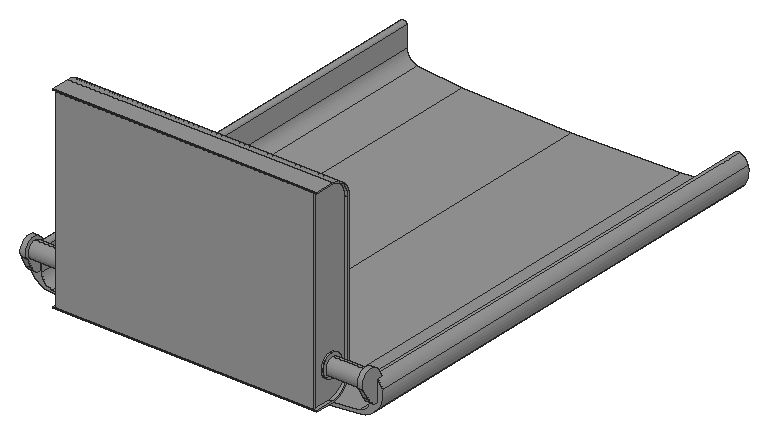
Revit family "3200 Bjørk Baby changing station", category Furniture Systems, host Wall, Revit 2018
Family settings
  Host = Wall
  Round Connector Dimension = Use Diameter
  Part Type = Normal
  Always vertical = Yes
  Cut with Voids When Loaded = No
  Shared = No
  Room Calculation Point = No
Parameters (values of type "OSLO")
  URL = "http://www.dandryer.dk/da-dk/produkter/produktserie-%E2%80%93-bjork/3200-bjork-puslebord--hvid"
  UP = not(Down)  # no
  Type Image = <None>
  Surface = WHITE
  Model = "Björk-3200"
  Manufacturer = "Dan Dryer"
  Down = yes
  Description = "Baby changing table"
  Cost = 0
Types (6, lengths in mm): name | URL | Model | Description
  BIRK | "http://www.dandryer.dk/da-dk/produkter/produktserie-%E2%80%93-bjork/3000-bjork-haandtoerrer--hvid" | "Björk-3000" | "Touch-free hand dryer"
  GEO WHITE | "http://www.dandryer.dk/da-dk/produkter/produktserie-%E2%80%93-bjork/3000-bjork-haandtoerrer--hvid" | "Björk-3000" | "Touch-free hand dryer"
  GRIGIO LONDRA | "http://www.dandryer.dk/da-dk/produkter/produktserie-%E2%80%93-bjork/3000-bjork-haandtoerrer--hvid" | "Björk-3000" | "Touch-free hand dryer"
  NEGRO INGO | "http://www.dandryer.dk/da-dk/produkter/produktserie-%E2%80%93-bjork/3000-bjork-haandtoerrer--hvid" | "Björk-3000" | "Touch-free hand dryer"
  OSLO | "http://www.dandryer.dk/da-dk/produkter/produktserie-%E2%80%93-bjork/3200-bjork-puslebord--hvid" | "Björk-3200" | "Baby changing table"
  BIANCO MALE | "http://www.dandryer.dk/da-dk/produkter/produktserie-%E2%80%93-bjork/3000-bjork-haandtoerrer--hvid" | "Björk-3000" | "Touch-free hand dryer"
Reference planes
  plane 1 "Wall": y = 0
  plane 2 "Center (Left/Right)": x = 125
  plane 3 "Back": y = 75
Forms (mm)
  Extrusion 1, solid, material "WHITE", not visible
    sketch origin (0, 0, 0) x (1, 0, 0) y (0, 1, 0)
      loop
        arc (42.212, 95.366) -> (42.426, 94.946) -> (42.5, 94.481) r 1.5
        line (42.5, 94.481) -> (42.5, 75.3) -> (43.7, 75.3) -> (43.7, 94.481)
        arc (43.7, 94.481) -> (43.567, 95.318) -> (43.181, 96.073) r 2.7
        arc (43.181, 96.073) -> (125, 257.1) -> (206.819, 96.073) r 101.3
        arc (206.819, 96.073) -> (206.433, 95.318) -> (206.3, 94.481) r 2.7
        line (206.3, 94.481) -> (206.3, 75.3) -> (207.5, 75.3) -> (207.5, 94.481)
        arc (207.5, 94.481) -> (207.574, 94.946) -> (207.788, 95.366) r 1.5
        arc (207.788, 95.366) -> (125, 258.3) -> (42.212, 95.366) r 102.5
    from 900 to 1230
  Extrusion 2, void, not visible
    sketch origin (207.5, 94.481, 0) x (0, 1, 0) y (0, 0, -1)
      loop
        line (-19.181, -1225) -> (-19.181, -1230) -> (6.154, -1230)
        arc (6.154, -1230) -> (3.068, -1228.36) -> (2.105, -1225) r 4.47
        line (2.105, -1225) -> (-19.181, -1225)
    from -10.952 to 170.161
  Extrusion 3, void, not visible
    sketch origin (207.5, 94.481, 2130) x (0, 1, 0) y (0, 0, -1)
      loop
        line (-19.181, 1225) -> (2.105, 1225)
        arc (2.105, 1225) -> (3.068, 1228.36) -> (6.154, 1230) r 4.47
        line (6.154, 1230) -> (-19.181, 1230) -> (-19.181, 1225)
    from -6 to 179.451
  Extrusion 4, solid, not visible
    sketch origin (207.5, 75.3, 907) x (0, 1, 0) y (-1, 0, 0)
      loop
        line (0, 163.8) -> (0, 1.2) -> (19.181, 1.2)
        arc (19.181, 1.2) -> (20.018, 1.067) -> (20.773, 0.681) r 2.7
        arc (20.773, 0.681) -> (181.8, 82.5) -> (20.773, 164.319) r 101.3
        arc (20.773, 164.319) -> (20.018, 163.933) -> (19.181, 163.8) r 2.7
        line (19.181, 163.8) -> (0, 163.8)
    from 0 to -2
  Extrusion 5, void, not visible
    sketch origin (206.3, 75.3, 0) x (-1, 0, 0) y (0, 0, 1)
      loop
        arc (83.312, 976) -> (81.303, 978.014) -> (79.288, 976) r 2.012
        line (79.288, 976) -> (79.285, 930)
        arc (79.285, 930) -> (81.297, 927.986) -> (83.312, 930) r 2.012
        line (83.312, 930) -> (83.312, 976)
    from 174.915 to 189.234
  Extrusion 6, solid, not visible
    sketch origin (206.3, 75.3, 0) x (1, 0, 0) y (0, 0, 1)
      loop
        line (-83.312, 975.984) -> (-83.312, 930)
        arc (-83.312, 930) -> (-81.291, 928.118) -> (-79.287, 930.016) r 2.015
        line (-79.287, 930.016) -> (-79.288, 976)
        arc (-79.288, 976) -> (-81.309, 977.882) -> (-83.312, 975.984) r 2.015
    from -182.98 to -174.915
  Extrusion 7, solid, not visible
    sketch origin (0, 0, 0) x (1, 0, 0) y (0, 1, 0)
      loop
        arc (42.212, 95.366) -> (42.426, 94.946) -> (42.5, 94.481) r 1.5
        line (42.5, 94.481) -> (42.5, 75.3) -> (43.7, 75.3) -> (43.7, 94.481)
        arc (43.7, 94.481) -> (43.567, 95.318) -> (43.181, 96.073) r 2.7
        arc (43.181, 96.073) -> (125, 257.1) -> (206.819, 96.073) r 101.3
        arc (206.819, 96.073) -> (206.433, 95.318) -> (206.3, 94.481) r 2.7
        line (206.3, 94.481) -> (206.3, 75.3) -> (207.5, 75.3) -> (207.5, 94.481)
        arc (207.5, 94.481) -> (207.574, 94.946) -> (207.788, 95.366) r 1.5
        arc (207.788, 95.366) -> (125, 258.3) -> (42.212, 95.366) r 102.5
    from 900 to 1230
Text (mm)
  text "Placement Side" at (-1848.837, 1116.779, 0), in view "Ref. Level"
  text "Placement side" at (0, 1409.804, 2854.306), in view "Left"
  text "Placement side" at (0, 499.811, 2980.732), in view "Right"
Dimensions and locks
  locked: plane 3 "Back" to host wall
  aligned and locked: plane 1 "Wall" to host wall
  aligned and locked: plane 3 "Back" to nested 1
  aligned and locked: host wall to nested 1
Nested families
  nested 1: "Master changing table" at (125, 75, 1100), type "Master changing table"
    with Table up no
Definition of nested family "Master changing table"
  Parameters (values of type "Master changing table")
    Table up = yes
    Table down = yes
    Surface = none
  Reference planes
    plane 1 "Center (Front/Back)": y = 0
    plane 2: z = 0
    plane 3 "Center (Left/Right)": x = 0
  Forms (mm)
    Extrusion 1, solid, material <- "Surface"
      sketch origin (205, 367.912, 256.022) x (0, 1, 0) y (0, 0, 1)
        loop
          line (-368.006, 0) -> (-368.006, -1.5) -> (-337.756, -1.5)
          arc (-337.756, -1.5) -> (-316.543, -10.287) -> (-307.756, -31.5) r 30
          line (-307.756, -31.5) -> (-307.756, -273.5)
          arc (-307.756, -273.5) -> (-316.543, -294.713) -> (-337.756, -303.5) r 30
          line (-337.756, -303.5) -> (-368.006, -303.5) -> (-368.006, -305) -> (-337.756, -305)
          arc (-337.756, -305) -> (-315.482, -295.774) -> (-306.256, -273.5) r 31.5
          line (-306.256, -273.5) -> (-306.256, -31.5)
          arc (-306.256, -31.5) -> (-315.482, -9.226) -> (-337.756, 0) r 31.5
          line (-337.756, 0) -> (-368.006, 0)
      from -410.457 to 0.457
    Extrusion 2, solid, material <- "Surface"
      sketch origin (-200, 30.056, 103.522) x (0, -1, 0) y (0, 0, 1)
        loop
          line (28.149, 150) -> (0.649, 150)
          arc (0.649, 150) -> (-20.564, 141.213) -> (-29.351, 120) r 30
          line (-29.351, 120) -> (-29.351, -120)
          arc (-29.351, -120) -> (-20.564, -141.213) -> (0.649, -150) r 30
          line (0.649, -150) -> (28.149, -150) -> (28.149, 150)
      from 0 to -1.5
    Extrusion 3, solid, material <- "Surface"
      sketch origin (200, 30.056, 103.522) x (0, -1, 0) y (0, 0, -1)
        loop
          line (28.149, -150) -> (28.149, 150) -> (0.649, 150)
          arc (0.649, 150) -> (-20.564, 141.213) -> (-29.351, 120) r 30
          line (-29.351, 120) -> (-29.351, -120)
          arc (-29.351, -120) -> (-20.564, -141.213) -> (0.649, -150) r 30
          line (0.649, -150) -> (28.149, -150)
      from 0 to -1.5
    Extrusion 4, solid, material <- "Surface", visible <- "Table down"
      sketch origin (0, 750.106, -53.254) x (-1, 0, 0) y (0, 0, 1)
        loop
          line (-255, 19.726) -> (-255, 51.373)
          arc (-255, 51.373) -> (-257.243, 55.544) -> (-261.96, 55.973) r 5
          arc (-261.96, 55.973) -> (-270.039, 50.067) -> (-274.685, 41.203) r 22.097
          arc (-274.685, 41.203) -> (-275.07, 26.076) -> (-268.731, 12.336) r 33.351
          arc (-268.731, 12.336) -> (-256.485, 1.616) -> (-241.13, -3.778) r 42.947
          arc (-241.13, -3.778) -> (-205.836, -8.031) -> (-170.362, -10.357) r 652.663
          arc (-170.362, -10.357) -> (-85.196, -12.728) -> (0, -13.33) r 4102.572
          arc (0, -13.33) -> (85.196, -12.728) -> (170.362, -10.357) r 4102.572
          arc (170.362, -10.357) -> (205.836, -8.031) -> (241.13, -3.778) r 652.663
          arc (241.13, -3.778) -> (256.485, 1.616) -> (268.731, 12.336) r 42.947
          arc (268.731, 12.336) -> (275.07, 26.076) -> (274.685, 41.203) r 33.351
          arc (274.685, 41.203) -> (270.039, 50.067) -> (261.96, 55.973) r 22.097
          arc (261.96, 55.973) -> (257.243, 55.544) -> (255, 51.373) r 5
          line (255, 51.373) -> (255, 19.726)
          arc (255, 19.726) -> (250.375, 7.3) -> (238.751, 0.923) r 19.004
          arc (238.751, 0.923) -> (204.558, -3.146) -> (170.196, -5.363) r 637.149
          arc (170.196, -5.363) -> (85.113, -7.758) -> (0, -8.582) r 4609.967
          arc (0, -8.582) -> (-85.113, -7.758) -> (-170.196, -5.363) r 4609.967
          arc (-170.196, -5.363) -> (-204.558, -3.146) -> (-238.751, 0.923) r 637.149
          arc (-238.751, 0.923) -> (-250.375, 7.3) -> (-255, 19.726) r 19.004
      from -709.566 to 0
    Extrusion 5, solid, material <- "Surface", visible <- "Table down"
      sketch origin (258, 29.906, 2.522) x (0, 0, 1) y (0, 1, 0)
        loop
          line (8.4, 14.549) -> (-2.6, 20.9)
          arc (-2.6, 20.9) -> (-4.503, 22.803) -> (-5.2, 25.403) r 5.2
          line (-5.2, 25.403) -> (-5.2, 41.674) -> (-6, 41.383) -> (-6, 177.6)
          arc (-6, 177.6) -> (-6.879, 179.721) -> (-9, 180.6) r 3
          line (-9, 180.6) -> (-33, 180.6)
          arc (-33, 180.6) -> (-35.121, 179.721) -> (-36, 177.6) r 3
          line (-36, 177.6) -> (-36, 30.464) -> (-36.8, 30.172) -> (-36.8, 16.166)
          arc (-36.8, 16.166) -> (-33.477, 3.766) -> (-24.4, -5.312) r 24.8
          line (-24.4, -5.312) -> (-8.4, -14.549)
          arc (-8.4, -14.549) -> (14.549, -8.4) -> (8.4, 14.549) r 16.8
      from -8 to 0
    Extrusion 6, solid, material <- "Surface", visible <- "Table down"
      sketch origin (-266, 29.906, 2.522) x (0, 0, 1) y (0, 1, 0)
        loop
          line (8.4, 14.549) -> (-2.6, 20.9)
          arc (-2.6, 20.9) -> (-4.503, 22.803) -> (-5.2, 25.403) r 5.2
          line (-5.2, 25.403) -> (-5.2, 41.674) -> (-6, 41.383) -> (-6, 177.6)
          arc (-6, 177.6) -> (-6.879, 179.721) -> (-9, 180.6) r 3
          line (-9, 180.6) -> (-33, 180.6)
          arc (-33, 180.6) -> (-35.121, 179.721) -> (-36, 177.6) r 3
          line (-36, 177.6) -> (-36, 30.464) -> (-36.8, 30.172) -> (-36.8, 16.166)
          arc (-36.8, 16.166) -> (-33.477, 3.766) -> (-24.4, -5.312) r 24.8
          line (-24.4, -5.312) -> (-8.4, -14.549)
          arc (-8.4, -14.549) -> (14.549, -8.4) -> (8.4, 14.549) r 16.8
      from -8 to 0
    Extrusion 7, solid, material <- "Surface"
      sketch origin (-258, 31.072, 1.856) x (0, 0, -1) y (0, 1, 0)
        loop
          circle (-0.065, 0.035) r 17.549
      from 53 to 462.5
    Extrusion 8, solid, material <- "Surface", visible <- "Table up"
      sketch origin (0, 85.702, 722.747) x (-1, 0, 0) y (0, -1, 0)
        loop
          line (-255, 19.726) -> (-255, 51.373)
          arc (-255, 51.373) -> (-257.243, 55.544) -> (-261.96, 55.973) r 5
          arc (-261.96, 55.973) -> (-270.039, 50.067) -> (-274.685, 41.203) r 22.097
          arc (-274.685, 41.203) -> (-275.07, 26.076) -> (-268.731, 12.336) r 33.351
          arc (-268.731, 12.336) -> (-256.485, 1.616) -> (-241.13, -3.778) r 42.947
          arc (-241.13, -3.778) -> (-205.836, -8.031) -> (-170.362, -10.357) r 652.663
          arc (-170.362, -10.357) -> (-85.196, -12.728) -> (0, -13.33) r 4102.572
          arc (0, -13.33) -> (85.196, -12.728) -> (170.362, -10.357) r 4102.572
          arc (170.362, -10.357) -> (205.836, -8.031) -> (241.13, -3.778) r 652.663
          arc (241.13, -3.778) -> (256.485, 1.616) -> (268.731, 12.336) r 42.947
          arc (268.731, 12.336) -> (275.07, 26.076) -> (274.685, 41.203) r 33.351
          arc (274.685, 41.203) -> (270.039, 50.067) -> (261.96, 55.973) r 22.097
          arc (261.96, 55.973) -> (257.243, 55.544) -> (255, 51.373) r 5
          line (255, 51.373) -> (255, 19.726)
          arc (255, 19.726) -> (250.375, 7.3) -> (238.751, 0.923) r 19.004
          arc (238.751, 0.923) -> (204.558, -3.146) -> (170.196, -5.363) r 637.149
          arc (170.196, -5.363) -> (85.113, -7.758) -> (0, -8.582) r 4609.967
          arc (0, -8.582) -> (-85.113, -7.758) -> (-170.196, -5.363) r 4609.967
          arc (-170.196, -5.363) -> (-204.558, -3.146) -> (-238.751, 0.923) r 637.149
          arc (-238.751, 0.923) -> (-250.375, 7.3) -> (-255, 19.726) r 19.004
      from -709.566 to 0
    Extrusion 9, solid, material <- "Surface", visible <- "Table up"
      sketch origin (258, 29.925, 2.547) x (0, -1, 0) y (0, 0, 1)
        loop
          line (8.4, 14.549) -> (-2.6, 20.9)
          arc (-2.6, 20.9) -> (-4.503, 22.803) -> (-5.2, 25.403) r 5.2
          line (-5.2, 25.403) -> (-5.2, 41.674) -> (-6, 41.383) -> (-6, 177.6)
          arc (-6, 177.6) -> (-6.879, 179.721) -> (-9, 180.6) r 3
          line (-9, 180.6) -> (-33, 180.6)
          arc (-33, 180.6) -> (-35.121, 179.721) -> (-36, 177.6) r 3
          line (-36, 177.6) -> (-36, 30.464) -> (-36.8, 30.172) -> (-36.8, 16.166)
          arc (-36.8, 16.166) -> (-33.477, 3.766) -> (-24.4, -5.312) r 24.8
          line (-24.4, -5.312) -> (-8.4, -14.549)
          arc (-8.4, -14.549) -> (14.549, -8.4) -> (8.4, 14.549) r 16.8
      from -8 to 0
    Extrusion 10, solid, material <- "Surface", visible <- "Table up"
      sketch origin (-266, 29.925, 2.547) x (0, -1, 0) y (0, 0, 1)
        loop
          line (8.4, 14.549) -> (-2.6, 20.9)
          arc (-2.6, 20.9) -> (-4.503, 22.803) -> (-5.2, 25.403) r 5.2
          line (-5.2, 25.403) -> (-5.2, 41.674) -> (-6, 41.383) -> (-6, 177.6)
          arc (-6, 177.6) -> (-6.879, 179.721) -> (-9, 180.6) r 3
          line (-9, 180.6) -> (-33, 180.6)
          arc (-33, 180.6) -> (-35.121, 179.721) -> (-36, 177.6) r 3
          line (-36, 177.6) -> (-36, 30.464) -> (-36.8, 30.172) -> (-36.8, 16.166)
          arc (-36.8, 16.166) -> (-33.477, 3.766) -> (-24.4, -5.312) r 24.8
          line (-24.4, -5.312) -> (-8.4, -14.549)
          arc (-8.4, -14.549) -> (14.549, -8.4) -> (8.4, 14.549) r 16.8
      from -8 to 0
    Extrusion 11, solid, material <- "Surface"
      sketch origin (-258, 30.572, 1.856) x (0, 0, -1) y (0, 1, 0)
        loop
          circle (-0.065, 0.035) r 13.035
      from 0 to 516
    Extrusion 12, solid, material <- "Surface"
      sketch origin (-258, 30.572, 1.856) x (0, 0, -1) y (0, 1, 0)
        loop
          circle (-0.065, 0.035) r 16.835
      from 54.88 to 461.953
    Extrusion 13, solid, material <- "Surface"
      sketch origin (-5125, -0.094, -947.478) x (-1, 0, 0) y (0, 0, 1)
        loop
          line (-5325, 1202) -> (-5325, 900) -> (-4925, 900) -> (-4925, 1202) -> (-5325, 1202)
      from 0 to 2
    Extrusion 14, solid, not visible
      sketch origin (-5000, 75, 0) x (-1, 0, 0) y (0, 0, 1)
        loop
          line (-5325, 1202) -> (-5325, 900) -> (-4925, 900) -> (-4925, 1202) -> (-5325, 1202)
      from 0 to 2
    Extrusion 15, solid, not visible
      sketch origin (330, 443.006, 1203.5) x (0, 1, 0) y (0, 0, 1)
        loop
          line (-368.006, 0) -> (-368.006, -1.5) -> (-337.756, -1.5)
          arc (-337.756, -1.5) -> (-316.543, -10.287) -> (-307.756, -31.5) r 30
          line (-307.756, -31.5) -> (-307.756, -273.5)
          arc (-307.756, -273.5) -> (-316.543, -294.713) -> (-337.756, -303.5) r 30
          line (-337.756, -303.5) -> (-368.006, -303.5) -> (-368.006, -305) -> (-337.756, -305)
          arc (-337.756, -305) -> (-315.482, -295.774) -> (-306.256, -273.5) r 31.5
          line (-306.256, -273.5) -> (-306.256, -31.5)
          arc (-306.256, -31.5) -> (-315.482, -9.226) -> (-337.756, 0) r 31.5
          line (-337.756, 0) -> (-368.006, 0)
      from -410.457 to 0.457
    Sweep 16, void, not visible
      path origin (330, 443.006, 1203.5) x (0, 1, 0) y (0, 0, 1)
        loop
          line (-368.006, -305) -> (-337.756, -305)
          arc (-337.756, -305) -> (-315.482, -295.774) -> (-306.256, -273.5) r 31.5
          line (-306.256, -273.5) -> (-306.256, -31.5)
          arc (-306.256, -31.5) -> (-315.482, -9.226) -> (-337.756, 0) r 31.5
          line (-337.756, 0) -> (-368.006, 0)
      profile origin (330, 90.125, 1203.5) x (0, 0, -1) y (1, 0, 0)
        loop
          line (0, 0.457) -> (0, -0.75)
          arc (0, -0.75) -> (0.75, 0) -> (1.5, -0.75) r 0.75
          line (1.5, -0.75) -> (1.5, 0.457) -> (0, 0.457)
    Sweep 17, void, not visible
      path origin (-80, 443.006, 1203.5) x (0, 1, 0) y (0, 0, -1)
        loop
          line (-368.006, 305) -> (-337.756, 305)
          arc (-337.756, 305) -> (-315.482, 295.774) -> (-306.256, 273.5) r 31.5
          line (-306.256, 273.5) -> (-306.256, 31.5)
          arc (-306.256, 31.5) -> (-315.482, 9.226) -> (-337.756, 0) r 31.5
          line (-337.756, 0) -> (-368.006, 0)
      profile origin (-80, 90.125, 1203.5) x (0, 0, 1) y (-1, 0, 0)
        loop
          line (0, 0.457) -> (-1.5, 0.457) -> (-1.5, -0.75)
          arc (-1.5, -0.75) -> (-0.75, 0) -> (0, -0.75) r 0.75
          line (0, -0.75) -> (0, 0.457)
    Extrusion 18, solid, not visible
      sketch origin (-75, 105.149, 1051) x (0, -1, 0) y (0, 0, 1)
        loop
          line (28.149, 150) -> (0.649, 150)
          arc (0.649, 150) -> (-20.564, 141.213) -> (-29.351, 120) r 30
          line (-29.351, 120) -> (-29.351, -120)
          arc (-29.351, -120) -> (-20.564, -141.213) -> (0.649, -150) r 30
          line (0.649, -150) -> (28.149, -150) -> (28.149, 150)
      from 0 to -1.5
    Extrusion 19, solid, not visible
      sketch origin (325, 105.149, 1051) x (0, -1, 0) y (0, 0, -1)
        loop
          line (28.149, -150) -> (28.149, 150) -> (0.649, 150)
          arc (0.649, 150) -> (-20.564, 141.213) -> (-29.351, 120) r 30
          line (-29.351, 120) -> (-29.351, -120)
          arc (-29.351, -120) -> (-20.564, -141.213) -> (0.649, -150) r 30
          line (0.649, -150) -> (28.149, -150)
      from 0 to -1.5
    Extrusion 20, void, not visible
      sketch origin (-75, 105.149, 1051) x (0, 1, 0) y (0, 0, 1)
        loop
          circle (-0.114, -100.935) r 17.549
      from 404.5 to -5
    Extrusion 21, solid, visible <- "Table down", not visible
      sketch origin (125, 825.199, 894.224) x (-1, 0, 0) y (0, 0, 1)
        loop
          line (-255, 19.726) -> (-255, 51.373)
          arc (-255, 51.373) -> (-257.243, 55.544) -> (-261.96, 55.973) r 5
          arc (-261.96, 55.973) -> (-270.039, 50.067) -> (-274.685, 41.203) r 22.097
          arc (-274.685, 41.203) -> (-275.07, 26.076) -> (-268.731, 12.336) r 33.351
          arc (-268.731, 12.336) -> (-256.485, 1.616) -> (-241.13, -3.778) r 42.947
          arc (-241.13, -3.778) -> (-205.836, -8.031) -> (-170.362, -10.357) r 652.663
          arc (-170.362, -10.357) -> (-85.196, -12.728) -> (0, -13.33) r 4102.572
          arc (0, -13.33) -> (85.196, -12.728) -> (170.362, -10.357) r 4102.572
          arc (170.362, -10.357) -> (205.836, -8.031) -> (241.13, -3.778) r 652.663
          arc (241.13, -3.778) -> (256.485, 1.616) -> (268.731, 12.336) r 42.947
          arc (268.731, 12.336) -> (275.07, 26.076) -> (274.685, 41.203) r 33.351
          arc (274.685, 41.203) -> (270.039, 50.067) -> (261.96, 55.973) r 22.097
          arc (261.96, 55.973) -> (257.243, 55.544) -> (255, 51.373) r 5
          line (255, 51.373) -> (255, 19.726)
          arc (255, 19.726) -> (250.375, 7.3) -> (238.751, 0.923) r 19.004
          arc (238.751, 0.923) -> (204.558, -3.146) -> (170.196, -5.363) r 637.149
          arc (170.196, -5.363) -> (85.113, -7.758) -> (0, -8.582) r 4609.967
          arc (0, -8.582) -> (-85.113, -7.758) -> (-170.196, -5.363) r 4609.967
          arc (-170.196, -5.363) -> (-204.558, -3.146) -> (-238.751, 0.923) r 637.149
          arc (-238.751, 0.923) -> (-250.375, 7.3) -> (-255, 19.726) r 19.004
      from -709.566 to 0
    Sweep 22, void, not visible
      path origin (125, 825.199, 894.224) x (-1, 0, 0) y (0, 0, 1)
        loop
          arc (-261.96, 55.973) -> (-270.039, 50.067) -> (-274.685, 41.203) r 22.097
          arc (-274.685, 41.203) -> (-275.07, 26.076) -> (-268.731, 12.336) r 33.351
          arc (-268.731, 12.336) -> (-256.485, 1.616) -> (-241.13, -3.778) r 42.947
          arc (-241.13, -3.778) -> (-205.836, -8.031) -> (-170.362, -10.357) r 652.663
          arc (-170.362, -10.357) -> (-85.196, -12.728) -> (0, -13.33) r 4102.572
          arc (0, -13.33) -> (85.196, -12.728) -> (170.362, -10.357) r 4102.572
          arc (170.362, -10.357) -> (205.836, -8.031) -> (241.13, -3.778) r 652.663
          arc (241.13, -3.778) -> (256.485, 1.616) -> (268.731, 12.336) r 42.947
          arc (268.731, 12.336) -> (275.07, 26.076) -> (274.685, 41.203) r 33.351
          arc (274.685, 41.203) -> (270.039, 50.067) -> (261.96, 55.973) r 22.097
          arc (261.96, 55.973) -> (257.243, 55.544) -> (255, 51.373) r 5
          line (255, 51.373) -> (255, 19.726)
          arc (255, 19.726) -> (250.375, 7.3) -> (238.751, 0.923) r 19.004
          arc (238.751, 0.923) -> (204.558, -3.146) -> (170.196, -5.363) r 637.149
          arc (170.196, -5.363) -> (85.113, -7.758) -> (0, -8.582) r 4609.967
          arc (0, -8.582) -> (-85.113, -7.758) -> (-170.196, -5.363) r 4609.967
          arc (-170.196, -5.363) -> (-204.558, -3.146) -> (-238.751, 0.923) r 637.149
          arc (-238.751, 0.923) -> (-250.375, 7.3) -> (-255, 19.726) r 19.004
          line (-255, 19.726) -> (-255, 51.373)
          arc (-255, 51.373) -> (-257.243, 55.544) -> (-261.96, 55.973) r 5
      profile origin (395.039, 825.199, 944.291) x (-0.757606, 0, -0.652712) y (0, 1, 0)
        loop
          arc (0, -1.006) -> (0.295, -0.295) -> (1.006, 0) r 1.006
          line (1.006, 0) -> (0, 0) -> (0, -1.006)
    Extrusion 23, void, not visible
      sketch origin (-141, 105, 950) x (0, 0, 1) y (0, 1, 0)
        loop
          line (-93.281, 10.633) -> (14.517, 10.633) -> (14.517, 49.868) -> (-93.281, 10.633)
      from -603.294 to 94
    Extrusion 24, solid, visible <- "Table down", not visible
      sketch origin (383, 105, 950) x (0, 0, 1) y (0, 1, 0)
        loop
          line (8.4, 14.549) -> (-2.6, 20.9)
          arc (-2.6, 20.9) -> (-4.503, 22.803) -> (-5.2, 25.403) r 5.2
          line (-5.2, 25.403) -> (-5.2, 41.674) -> (-6, 41.383) -> (-6, 177.6)
          arc (-6, 177.6) -> (-6.879, 179.721) -> (-9, 180.6) r 3
          line (-9, 180.6) -> (-33, 180.6)
          arc (-33, 180.6) -> (-35.121, 179.721) -> (-36, 177.6) r 3
          line (-36, 177.6) -> (-36, 30.464) -> (-36.8, 30.172) -> (-36.8, 16.166)
          arc (-36.8, 16.166) -> (-33.477, 3.766) -> (-24.4, -5.312) r 24.8
          line (-24.4, -5.312) -> (-8.4, -14.549)
          arc (-8.4, -14.549) -> (14.549, -8.4) -> (8.4, 14.549) r 16.8
      from -8 to 0
    Extrusion 25, solid, visible <- "Table down", not visible
      sketch origin (-141, 105, 950) x (0, 0, 1) y (0, 1, 0)
        loop
          line (8.4, 14.549) -> (-2.6, 20.9)
          arc (-2.6, 20.9) -> (-4.503, 22.803) -> (-5.2, 25.403) r 5.2
          line (-5.2, 25.403) -> (-5.2, 41.674) -> (-6, 41.383) -> (-6, 177.6)
          arc (-6, 177.6) -> (-6.879, 179.721) -> (-9, 180.6) r 3
          line (-9, 180.6) -> (-33, 180.6)
          arc (-33, 180.6) -> (-35.121, 179.721) -> (-36, 177.6) r 3
          line (-36, 177.6) -> (-36, 30.464) -> (-36.8, 30.172) -> (-36.8, 16.166)
          arc (-36.8, 16.166) -> (-33.477, 3.766) -> (-24.4, -5.312) r 24.8
          line (-24.4, -5.312) -> (-8.4, -14.549)
          arc (-8.4, -14.549) -> (14.549, -8.4) -> (8.4, 14.549) r 16.8
      from -8 to 0
    Extrusion 26, solid, not visible
      sketch origin (-133, 106.166, 949.334) x (0, 0, -1) y (0, 1, 0)
        loop
          circle (-0.065, 0.035) r 17.549
      from 53 to 462.5
    Extrusion 27, solid, visible <- "Table up", not visible
      sketch origin (125, 160.795, 1670.224) x (-1, 0, 0) y (0, -1, 0)
        loop
          line (-255, 19.726) -> (-255, 51.373)
          arc (-255, 51.373) -> (-257.243, 55.544) -> (-261.96, 55.973) r 5
          arc (-261.96, 55.973) -> (-270.039, 50.067) -> (-274.685, 41.203) r 22.097
          arc (-274.685, 41.203) -> (-275.07, 26.076) -> (-268.731, 12.336) r 33.351
          arc (-268.731, 12.336) -> (-256.485, 1.616) -> (-241.13, -3.778) r 42.947
          arc (-241.13, -3.778) -> (-205.836, -8.031) -> (-170.362, -10.357) r 652.663
          arc (-170.362, -10.357) -> (-85.196, -12.728) -> (0, -13.33) r 4102.572
          arc (0, -13.33) -> (85.196, -12.728) -> (170.362, -10.357) r 4102.572
          arc (170.362, -10.357) -> (205.836, -8.031) -> (241.13, -3.778) r 652.663
          arc (241.13, -3.778) -> (256.485, 1.616) -> (268.731, 12.336) r 42.947
          arc (268.731, 12.336) -> (275.07, 26.076) -> (274.685, 41.203) r 33.351
          arc (274.685, 41.203) -> (270.039, 50.067) -> (261.96, 55.973) r 22.097
          arc (261.96, 55.973) -> (257.243, 55.544) -> (255, 51.373) r 5
          line (255, 51.373) -> (255, 19.726)
          arc (255, 19.726) -> (250.375, 7.3) -> (238.751, 0.923) r 19.004
          arc (238.751, 0.923) -> (204.558, -3.146) -> (170.196, -5.363) r 637.149
          arc (170.196, -5.363) -> (85.113, -7.758) -> (0, -8.582) r 4609.967
          arc (0, -8.582) -> (-85.113, -7.758) -> (-170.196, -5.363) r 4609.967
          arc (-170.196, -5.363) -> (-204.558, -3.146) -> (-238.751, 0.923) r 637.149
          arc (-238.751, 0.923) -> (-250.375, 7.3) -> (-255, 19.726) r 19.004
      from -709.566 to 0
    Sweep 28, void, not visible
      path origin (125, 160.795, 1670.224) x (-1, 0, 0) y (0, -1, 0)
        loop
          arc (-261.96, 55.973) -> (-270.039, 50.067) -> (-274.685, 41.203) r 22.097
          arc (-274.685, 41.203) -> (-275.07, 26.076) -> (-268.731, 12.336) r 33.351
          arc (-268.731, 12.336) -> (-256.485, 1.616) -> (-241.13, -3.778) r 42.947
          arc (-241.13, -3.778) -> (-205.836, -8.031) -> (-170.362, -10.357) r 652.663
          arc (-170.362, -10.357) -> (-85.196, -12.728) -> (0, -13.33) r 4102.572
          arc (0, -13.33) -> (85.196, -12.728) -> (170.362, -10.357) r 4102.572
          arc (170.362, -10.357) -> (205.836, -8.031) -> (241.13, -3.778) r 652.663
          arc (241.13, -3.778) -> (256.485, 1.616) -> (268.731, 12.336) r 42.947
          arc (268.731, 12.336) -> (275.07, 26.076) -> (274.685, 41.203) r 33.351
          arc (274.685, 41.203) -> (270.039, 50.067) -> (261.96, 55.973) r 22.097
          arc (261.96, 55.973) -> (257.243, 55.544) -> (255, 51.373) r 5
          line (255, 51.373) -> (255, 19.726)
          arc (255, 19.726) -> (250.375, 7.3) -> (238.751, 0.923) r 19.004
          arc (238.751, 0.923) -> (204.558, -3.146) -> (170.196, -5.363) r 637.149
          arc (170.196, -5.363) -> (85.113, -7.758) -> (0, -8.582) r 4609.967
          arc (0, -8.582) -> (-85.113, -7.758) -> (-170.196, -5.363) r 4609.967
          arc (-170.196, -5.363) -> (-204.558, -3.146) -> (-238.751, 0.923) r 637.149
          arc (-238.751, 0.923) -> (-250.375, 7.3) -> (-255, 19.726) r 19.004
          line (-255, 19.726) -> (-255, 51.373)
          arc (-255, 51.373) -> (-257.243, 55.544) -> (-261.96, 55.973) r 5
      profile origin (395.039, 110.728, 1670.224) x (-0.757606, 0.652712, 0) y (0, 0, 1)
        loop
          arc (0, -1.006) -> (0.295, -0.295) -> (1.006, 0) r 1.006
          line (1.006, 0) -> (0, 0) -> (0, -1.006)
    Extrusion 29, void, not visible
      sketch origin (-141, 105.019, 950.025) x (0, -1, 0) y (0, 0, 1)
        loop
          line (-93.281, 10.633) -> (14.517, 10.633) -> (14.517, 49.868) -> (-93.281, 10.633)
      from -603.294 to 94
    Extrusion 30, solid, visible <- "Table up", not visible
      sketch origin (383, 105.019, 950.025) x (0, -1, 0) y (0, 0, 1)
        loop
          line (8.4, 14.549) -> (-2.6, 20.9)
          arc (-2.6, 20.9) -> (-4.503, 22.803) -> (-5.2, 25.403) r 5.2
          line (-5.2, 25.403) -> (-5.2, 41.674) -> (-6, 41.383) -> (-6, 177.6)
          arc (-6, 177.6) -> (-6.879, 179.721) -> (-9, 180.6) r 3
          line (-9, 180.6) -> (-33, 180.6)
          arc (-33, 180.6) -> (-35.121, 179.721) -> (-36, 177.6) r 3
          line (-36, 177.6) -> (-36, 30.464) -> (-36.8, 30.172) -> (-36.8, 16.166)
          arc (-36.8, 16.166) -> (-33.477, 3.766) -> (-24.4, -5.312) r 24.8
          line (-24.4, -5.312) -> (-8.4, -14.549)
          arc (-8.4, -14.549) -> (14.549, -8.4) -> (8.4, 14.549) r 16.8
      from -8 to 0
    Extrusion 31, solid, visible <- "Table up", not visible
      sketch origin (-141, 105.019, 950.025) x (0, -1, 0) y (0, 0, 1)
        loop
          line (8.4, 14.549) -> (-2.6, 20.9)
          arc (-2.6, 20.9) -> (-4.503, 22.803) -> (-5.2, 25.403) r 5.2
          line (-5.2, 25.403) -> (-5.2, 41.674) -> (-6, 41.383) -> (-6, 177.6)
          arc (-6, 177.6) -> (-6.879, 179.721) -> (-9, 180.6) r 3
          line (-9, 180.6) -> (-33, 180.6)
          arc (-33, 180.6) -> (-35.121, 179.721) -> (-36, 177.6) r 3
          line (-36, 177.6) -> (-36, 30.464) -> (-36.8, 30.172) -> (-36.8, 16.166)
          arc (-36.8, 16.166) -> (-33.477, 3.766) -> (-24.4, -5.312) r 24.8
          line (-24.4, -5.312) -> (-8.4, -14.549)
          arc (-8.4, -14.549) -> (14.549, -8.4) -> (8.4, 14.549) r 16.8
      from -8 to 0
    Extrusion 32, solid, not visible
      sketch origin (-133, 105.666, 949.334) x (0, 0, -1) y (0, 1, 0)
        loop
          circle (-0.065, 0.035) r 13.035
      from 0 to 516
    Extrusion 33, solid, not visible
      sketch origin (-133, 105.666, 949.334) x (0, 0, -1) y (0, 1, 0)
        loop
          circle (-0.065, 0.035) r 16.835
      from 54.88 to 461.953
  Lines and regions (mm)
    reference lines, not visible
      curve 1: line (125, 825.199, 1226.874) -> (125, 825.199, 885.642)
      curve 2: line (125, 419.974, 1670.224) -> (125, -185.026, 1670.224)
  Dimensions and locks
    locked: Extrusion 13 to Extrusion 13 at 2
    aligned and locked: level to plane 2
    aligned and locked: Extrusion 3 to Extrusion 13
